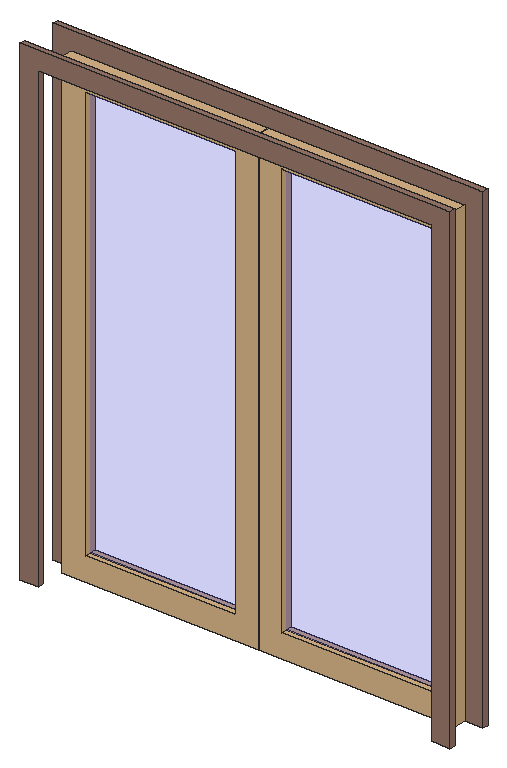
Revit family "M_Porta-Vidro-Duplo", category Portas, Revit 2019
Family settings
  Hospedeiro = Parede
  Sempre na vertical = Sim
  Corte com vazios quando carregada = Não
  Compartilhado = Não
  Ponto de cálculo do ambiente = Não
Parameters (values of type "1700 x 2000mm")
  W = Largura / 2  # 850 mm
  Visual Light Transmittance = 0
  Espessura = 50 mm
  Resistência térmica (R) = 0.31964 (m²·K)/W
  Ângulo de abertura [instance] = 90.00°
  Solar Heat Gain Coefficient = 0
  Vidraça = Vidro
  ID do tipo de construção = "opn-d45"
  Coeficiente de transferência de calor (U) = 3.12872 W/(m²·K)
  Função = Interior
  Código de montagem = "C1020"
  Material do painel = Madeira - Bétula - Manchada sólida leve com baixo brilho
  Material da apara = Pintura - Sienna
  Altura = 2000 mm
  Corrimão inferior = 100 mm
  Corrimão superior = 100 mm
  Estilos = 100 mm
  Projeção da apara = 25 mm
  Largura da apara = 80 mm
  Fechamento da parede = Por hospedeiro
  Largura = 1700 mm
  Construção analítica = "Moldura de madeira, porta de vidro duplo "
Reference planes
  plane 1 "Centro (Frente/Trás)": y = 0
  plane 2: z = 0
  plane 3 "Centro (Esquerda/Direita)": x = 0
  plane 4 "Esquerda": x = -850
  plane 5 "Direita": x = 850
  plane 6: z = 2000
  plane 7: z = 100
  plane 8: z = 1900
  plane 9: y = 928.581
  plane 10: x = 750
  plane 11: x = 100
  plane 12: x = -100
  plane 13: x = -750
  plane 14: y = 78.581
  plane 15 "Vidro": y = 53.581
  plane 16: y = 28.581
Forms (mm)
  Extrusion 1, solid, material "Madeira - Bétula - Manchada sólida leve com baixo brilho" <- "Material do painel"
    sketch origin (0, 0, 0) x (1, 0, 0) y (0, 0, 1)
      loop
        line (0, 2000) -> (0, 0) -> (850, 0) -> (850, 2000) -> (0, 2000)
      loop
        line (100, 1900) -> (100, 100) -> (750, 100) -> (750, 1900) -> (100, 1900)
    from -78.581 to -28.581
  Extrusion 2, solid, material "Vidro" <- "Vidraça"
    sketch origin (-1013.387, 53.581, 1219.2) x (-1, 0, 0) y (0, 0, 1)
      loop
        line (-913.387, 680.8) -> (-913.387, -1119.2) -> (-263.387, -1119.2) -> (-263.387, 680.8) -> (-913.387, 680.8)
    from -3.175 to 3.175
  Extrusion 3, solid, material "Vidro" <- "Vidraça"
    sketch origin (-1013.387, 53.581, 1219.2) x (-1, 0, 0) y (0, 0, 1)
      loop
        line (-1113.387, 680.8) -> (-1763.387, 680.8) -> (-1763.387, -1119.2) -> (-1113.387, -1119.2) -> (-1113.387, 680.8)
    from -3.175 to 3.175
  Extrusion 4, solid, material "Pintura - Sienna" <- "Material da apara", detail levels fine
    sketch origin (-2363.779, -73.819, 0) x (1, 0, 0) y (0, 0, 1)
      loop
        line (3213.779, 0) -> (3293.779, 0) -> (3293.779, 2080) -> (1433.779, 2080) -> (1433.779, 0) -> (1513.779, 0) -> (1513.779, 2000) -> (3213.779, 2000) -> (3213.779, 0)
    from 0 to 25
  Extrusion 5, solid, material "Madeira - Bétula - Manchada sólida leve com baixo brilho" <- "Material do painel"
    sketch origin (0, 0, 0) x (-1, 0, 0) y (0, 0, -1)
      loop
        line (0, -2000) -> (850, -2000) -> (850, 0) -> (0, 0) -> (0, -2000)
      loop
        line (100, -1900) -> (750, -1900) -> (750, -100) -> (100, -100) -> (100, -1900)
    from -78.581 to -28.581
  Extrusion 6, solid, material "Pintura - Sienna" <- "Material da apara", detail levels fine
    sketch origin (-1538.119, 78.581, 1219.2) x (-1, 0, 0) y (0, 0, 1)
      loop
        line (-2388.119, -1219.2) -> (-2388.119, 780.8) -> (-688.119, 780.8) -> (-688.119, -1219.2) -> (-608.119, -1219.2) -> (-608.119, 860.8) -> (-2468.119, 860.8) -> (-2468.119, -1219.2) -> (-2388.119, -1219.2)
    from 0 to 25
Lines and regions (mm)
  Opening 1
    outline origin (-1524, -73.819, 3657.6) x (0, 0, -1) y (1, 0, 0)
      loop
        line (1657.6, 674) -> (3657.6, 674) -> (3657.6, 2374) -> (1657.6, 2374) -> (1657.6, 674)
  model lines
    curve 1: line (0, 0, 2000) -> (0, 0, 2000)
    curve 2: line (0, 0, 2000) -> (0, 0, 2000)
    curve 3: line (0, 0, 2000) -> (0, 0, 2000)
    curve 4: line (0, 0, 2000) -> (0, 0, 2000)
  symbolic lines, style "Giro da elevação"
    curve 5: line (0, 0, 2000) -> (-850, 0, 1000)
    curve 6: line (0, 0, 0) -> (-850, 0, 1000)
    curve 7: line (0, 0, 2000) -> (850, 0, 1000)
    curve 8: line (850, 0, 1000) -> (0, 0, 0)
  model lines, style "DoorsGlassProjection"
    curve 9: line (750, 53.581, 1900) -> (750, 53.581, 100)
    curve 10: line (100, 53.581, 1900) -> (100, 53.581, 100)
    curve 11: line (-100, 53.581, 1900) -> (-100, 53.581, 100)
    curve 12: line (-750, 53.581, 1900) -> (-750, 53.581, 100)
Text (mm)
  text "Exterior" at (-2000.66, 352.161, 0), in view "Piso do chão"
Dimensions and locks
  equal spacing: plane 4 "Esquerda", plane 3 "Centro (Esquerda/Direita)", plane 5 "Direita"
  "Largura": plane 4 "Esquerda" to plane 5 "Direita"
  "Altura": plane 6 to plane 2
  plane 2 to plane 6 = 2000 mm
  "Largura da apara": Extrusion 4 sketch curve to plane 5 "Direita"
  "Largura da apara": Extrusion 4 sketch curve to plane 4 "Esquerda"
  "Largura da apara": Extrusion 4 sketch curve to plane 6
  "Projeção da apara": Extrusion 4 to Extrusion 4
  "Corrimão inferior": plane 2 to plane 7
  "Corrimão superior": plane 8 to plane 6
  equal spacing: level, curve 8, plane 6
  equal spacing: level, curve 6, plane 6
  equal spacing: host wall, host wall, host wall
  "W": plane 9 to host wall
  "Estilos": plane 10 to plane 5 "Direita"
  "Estilos": plane 4 "Esquerda" to plane 13
  equal spacing: plane 12, plane 3 "Centro (Esquerda/Direita)", plane 11
  "Estilos": plane 3 "Centro (Esquerda/Direita)" to plane 11
  Extrusion 2 to Extrusion 2 = 6.35 mm
  equal spacing: plane 14, plane 15 "Vidro", plane 16
  "Espessura": plane 16 to plane 14
  "Projeção da apara": Extrusion 6 to Extrusion 6
  "Largura da apara": plane 5 "Direita" to Extrusion 6 sketch curve
  "Largura da apara": Extrusion 6 sketch curve to plane 4 "Esquerda"
  "Largura da apara": plane 6 to Extrusion 6 sketch curve
  aligned and locked: level to Extrusion 4 sketch curve
  aligned and locked: plane 2 to Extrusion 4 sketch curve
  aligned and locked: plane 6 to Extrusion 4 sketch curve  (x2)
  aligned and locked: plane 5 "Direita" to Extrusion 4 sketch curve
  aligned and locked: host wall to Extrusion 1
  aligned and locked: Extrusion 1 sketch curve to plane 5 "Direita"
  aligned and locked: Extrusion 1 sketch curve to plane 10
  aligned and locked: Extrusion 1 sketch curve to plane 11
  aligned and locked: Extrusion 1 sketch curve to plane 6
  aligned and locked: Extrusion 1 sketch curve to plane 8
  aligned and locked: Extrusion 1 sketch curve to plane 7
  aligned and locked: plane 2 to Extrusion 1 sketch curve
  aligned and locked: nested 1 to plane 5 "Direita"
  aligned and locked: plane 14 to host wall
  aligned and locked: nested 1 to plane 14
  aligned and locked: plane 14 to nested 2
  aligned and locked: nested 2 to plane 4 "Esquerda"
  aligned and locked: plane 3 "Centro (Esquerda/Direita)" to Extrusion 1 sketch curve
  aligned and locked: plane 6 to Extrusion 5 sketch curve
  aligned and locked: plane 3 "Centro (Esquerda/Direita)" to Extrusion 5 sketch curve
  aligned and locked: Extrusion 5 sketch curve to plane 4 "Esquerda"
  aligned and locked: Extrusion 5 sketch curve to plane 2
  aligned and locked: plane 7 to Extrusion 5 sketch curve
  aligned and locked: Extrusion 5 sketch curve to plane 12
  aligned and locked: Extrusion 5 sketch curve to plane 13
  aligned and locked: plane 8 to Extrusion 5 sketch curve
  aligned and locked: Extrusion 5 to plane 14
  aligned and locked: Extrusion 5 to Extrusion 1
  aligned and locked: plane 16 to Extrusion 5
  aligned and locked: plane 16 to Extrusion 1
  aligned and locked: curve 10 to plane 11
  aligned and locked: curve 11 to plane 12
  aligned and locked: curve 12 to plane 13
  aligned and locked: plane 8 to curve 9
  aligned and locked: plane 8 to curve 10
  aligned and locked: plane 8 to curve 11
  aligned and locked: plane 8 to curve 12
  aligned and locked: plane 7 to curve 9
  aligned and locked: plane 7 to curve 10
  aligned and locked: plane 7 to curve 11
  aligned and locked: plane 7 to curve 12
  aligned and locked: curve 9 to plane 10
  aligned and locked: Extrusion 6 sketch curve to plane 5 "Direita"
  aligned and locked: Extrusion 6 sketch curve to plane 6
  aligned and locked: plane 4 "Esquerda" to Extrusion 6 sketch curve
Automatic sketch dimensions
  curve 1 to plane 3 "Centro (Esquerda/Direita)" = 0 mm  (x2)
  curve 1 to plane 6 = 0 mm  (x2)
  curve 2 to plane 3 "Centro (Esquerda/Direita)" = 0 mm
  curve 2 to plane 6 = 0 mm
  curve 3 to plane 3 "Centro (Esquerda/Direita)" = 0 mm
  curve 3 to plane 6 = 0 mm
  curve 5 to plane 3 "Centro (Esquerda/Direita)" = 0 mm
  curve 5 to plane 6 = 0 mm
  curve 8 to level = 0 mm
  plane 4 "Esquerda" to curve 6 = 0 mm
  curve 6 to plane 3 "Centro (Esquerda/Direita)" = 0 mm
  plane 5 "Direita" to curve 8 = 0 mm
  plane 5 "Direita" to Opening 1 sketch curve = 0 mm
  Opening 1 sketch curve to plane 6 = 0 mm
  Opening 1 sketch curve to level = 0 mm
  plane 4 "Esquerda" to Opening 1 sketch curve = 0 mm
  Extrusion 2 sketch curve to plane 7 = 0 mm
  plane 12 to Extrusion 2 sketch curve = 0 mm
  plane 13 to Extrusion 2 sketch curve = 0 mm
  Extrusion 2 sketch curve to plane 8 = 0 mm
  Extrusion 3 sketch curve to plane 8 = 0 mm
  plane 10 to Extrusion 3 sketch curve = 0 mm
  Extrusion 3 sketch curve to plane 7 = 0 mm
  plane 11 to Extrusion 3 sketch curve = 0 mm
  plane 4 "Esquerda" to Extrusion 4 sketch curve = 0 mm
  Extrusion 6 sketch curve to level = 0 mm  (x2)
Nested families
  nested 1: "Porta com abertura única" at (850, 78.581, 0), Ângulo de abertura <- "Ângulo de abertura", type "Único"
    with Abertura visível yes, Ângulo de abertura 90.00°, Ângulo real 90.00°
  nested 2: "Porta com abertura única" at (-850, 78.581, 0) x (-1, 0, 0) z (0, 0, 1), Ângulo de abertura <- "Ângulo de abertura", type "Único"
    with Abertura visível yes, Ângulo de abertura 90.00°, Ângulo real 90.00°
Definition of nested family "Porta com abertura única"
  Parameters (values of type "Único")
    Width = 900 mm
    Thickness = 45 mm
    Abertura visível [instance] = Ângulo de abertura > 1.00°  # yes
    Ângulo de abertura [instance] = 45.00°
    Assembly Code = ""
    Analytic Construction = "<Nenhum>"
    Ângulo real [instance] = if(Ângulo de abertura < 1.00°, 1.00°, Ângulo de abertura)  # 45.00°
  Reference planes
    plane 1 "Centro (Frente/Trás)": y = 0
    plane 2: z = 0
    plane 3 "Centro (Esquerda/Direita)": x = 0
    plane 4: x = -900
  Lines and regions (mm)
    Masking region 1
      outline origin (0, 0, 0) x (-0.707107, 0.707107, 0) y (-0.707107, -0.707107, 0)
        loop
          line (0, 0) -> (900, 0) -> (900, 45) -> (0, 45) -> (0, 0)
    symbolic lines
      curve 1: line (0, 0, 0) -> (-900, 0, 0)
    symbolic lines, visible <- "Abertura visível"
      curve 2: arc (-900, 0, 0) -> (-831.492, 344.415, 0) -> (-636.396, 636.396, 0) r 900
    reference lines
      curve 3: line (0, 0, 0) -> (-636.396, 636.396, 0)
    model lines
      curve 4: line (0, 0, 0) -> (0, 0, 25.4)
  Dimensions and locks
    "Width": plane 4 to plane 3 "Centro (Esquerda/Direita)"
    locked: curve 2 to plane 3 "Centro (Esquerda/Direita)"
    locked: curve 2 to plane 1 "Centro (Frente/Trás)"
    "Width": curve 3 to curve 3
    "Thickness": Masking region 1 sketch curve to Masking region 1 sketch curve
    locked: curve 4 to plane 2 at 25.4
    "Width": radius of curve 2
    "Ângulo real": angle curve 2 to curve 2
    "Ângulo de abertura": angle curve 3 to plane 1 "Centro (Frente/Trás)"
    aligned and locked: curve 1 to plane 1 "Centro (Frente/Trás)"
    aligned and locked: plane 3 "Centro (Esquerda/Direita)" to curve 1
    aligned and locked: plane 3 "Centro (Esquerda/Direita)" to curve 3
    aligned and locked: plane 1 "Centro (Frente/Trás)" to curve 3
    aligned and locked: curve 3 to Masking region 1 sketch curve
    aligned and locked: Masking region 1 sketch curve to curve 3  (x2)
    aligned and locked: plane 3 "Centro (Esquerda/Direita)" to curve 4
    aligned and locked: plane 2 to curve 4
Types in the file's own list only (6): name | W | Transmissão de luz visual | Resistência térmica (R) | Coeficiente de ganho de calor solar | Coeficiente de transferência de calor (U) | Altura | Largura | Construção analítica
  1700 x 2050mm | 850 mm | 0 | 0.3196 (m²·K)/W | 0 | 3.1287 W/(m²·K) | 2050 mm | 1700 mm | "Moldura de madeira, porta de vidro duplo"
  1700 x 2100mm | 850 mm | 0 | 0.3196 (m²·K)/W | 0 | 3.1287 W/(m²·K) | 2100 mm | 1700 mm | "Moldura de madeira, porta de vidro duplo"
  1800 x 1950mm | 900 mm | 0 | 0.3196 (m²·K)/W | 0 | 3.1287 W/(m²·K) | 1950 mm | 1800 mm | "Moldura de madeira, porta de vidro duplo"
  1800 x 2000mm | 900 mm | 0 | 0.3196 (m²·K)/W | 0 | 3.1287 W/(m²·K) | 2000 mm | 1800 mm | "Moldura de madeira, porta de vidro duplo"
  1800 x 2050mm | 900 mm | 0 | 0.3196 (m²·K)/W | 0 | 3.1287 W/(m²·K) | 2050 mm | 1800 mm | "Moldura de madeira, porta de vidro duplo"
  1800 x 2100mm | 900 mm | 0 | 0.3196 (m²·K)/W | 0 | 3.1287 W/(m²·K) | 2100 mm | 1800 mm | "Moldura de madeira, porta de vidro duplo"
